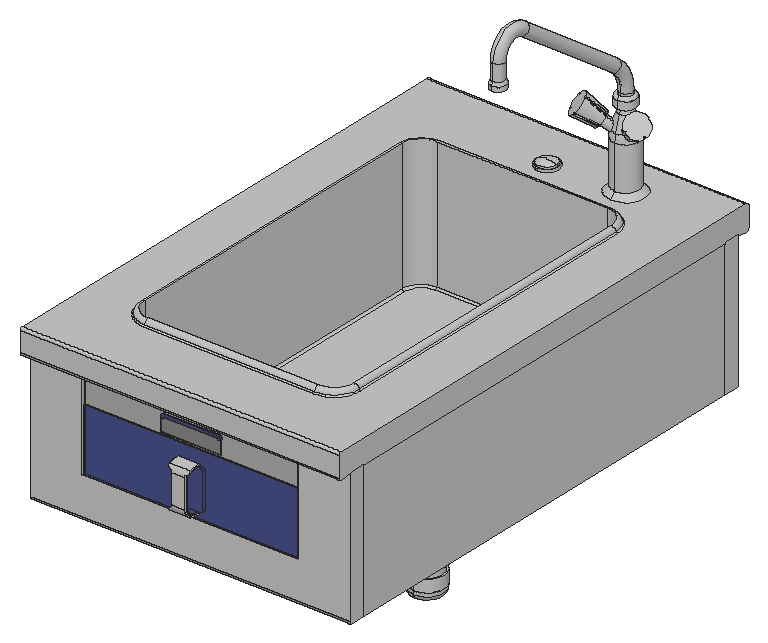
Revit family "QF_ELECTROLUXPROFESSIONAL_588402_MABGAAEOAO", category Specialty Equipment, Revit 2018
Family settings
  Round Connector Dimension = Use Diameter
  Part Type = Normal
  Work Plane-Based = No
  Always vertical = Yes
  Cut with Voids When Loaded = No
  Shared = No
  Room Calculation Point = No
Parameters
  Weight in Pounds = 33.0693
  Watts = 1500 VA  # 1500 W
  Waste Water Discharge Temperature [instance] = -459.67 °F
  Volts = 400 V  # constant formula
  URL Cutsheet = ""
  Type Mark [instance] = ""
  Status [instance] = ""
  Specification by User [instance] = ""
  Specification by Manufacturer = ""
  Small Baine = yes
  Serial Number = ""
  Seismic Rating = ""
  SMACNA No = ""
  Revision Code [instance] = ""
  Plumbing Remarks [instance] = ""
  Plumbing Connection Type [instance] = ""
  Phase = 3  # constant formula
  Omniclass Number and Title = ""
  Number of Poles [instance] = 1
  NAFEM Spec ID Number = ""
  Model = "588402"
  Min Ckt Ampacity = 0 A
  Max Overcurrent Protection = 0 A
  Masterspec = ""
  Manufacturer = "ELECTROLUX"
  Item Number [instance] = ""
  Installed By [instance] = ""
  Indirect Waste Size = 1"
  Indirect Waste Flow [instance] = 0 GPM
  Indirect Waste Connection Type [instance] = ""
  Indirect Waste Connection Height = 0 mm
  Identify Quantity as Lot [instance] = yes
  Hot Water Temperature = -459.67 °F
  Hot Water Size = 3/4"
  Hot Water RI Height [instance] = 0 mm
  Hot Water Minimum Pressure = 0.00 psi
  Hot Water Maximum Pressure = 0.00 psi
  Hot Water Flow [instance] = 0 GPM
  Hot Water Consumption = 0 GPM
  Hot Water Connection Height = 0 mm
  HP = "2 HP"
  Furnished By [instance] = ""
  Foodservice Equipment Identifier [instance] = yes
  FL Amps [instance] = if(Phase = 3, Watts / (Volts * 1.73), Watts / Volts)  # 2.16763 A
  Electrical Remarks = "400 V/3N ph/50/60 Hz"  # constant formula
  Electric Connection Type [instance] = ""
  Elec Conn RI Height [instance] = 0 mm
  Elec Conn Connection Height [instance] = 0 mm
  Direct Waste Size = 1"
  Description = "EL.BAINMARIE,1/1GN,TAP(R),1S,500X800X250"
  Cycle [instance] = if([60 Hertz Option], 60 Hz, 50 Hz)  # 60 Hz
  Conn Plug = ""
  Conn Conduit = yes
  Cold Water Temperature Recommended [instance] = 0 °F
  Cold Water Size = 3/4"
  Cold Water RI Height [instance] = 0 mm
  Cold Water Minimum Pressure = 0.00 psi
  Cold Water Maximum Pressure = 0.00 psi
  Cold Water Flow [instance] = 0 GPM
  Cold Water Consumption = ""
  Cold Water Connection Height = 0 mm
  CSI MasterFormat = ""
  CSI Master Format = ""
  Back Panel [instance] = yes
  Apparent Power [instance] = if(Phase = 3, Volts * FL Amps * 1.73, Volts * FL Amps)  # 1500 VA
  60 Hertz Option [instance] = not([50 Hertz Option])  # yes
  50 Hertz Option [instance] = no
Reference planes
  plane 1 "BACK": y = 0
  plane 2: z = 0
  plane 3 "LEFT": x = 0
  plane 4 "RIGHT": x = 500
  plane 5 "FRONT": y = -800
  plane 6 "TOP": z = 250
  plane 7: x = 250
  plane 8: y = -400
  plane 9: z = 582.185
  plane 10: x = 465
  plane 11: y = -94
  plane 12: y = -81
  plane 13: y = -585
Forms (mm)
  Extrusion 1, solid, material "QF_Finishes_Stainless Steel"
    sketch origin (0, -487.128, 0) x (0, 1, 0) y (0, 0, 1)
      loop
        line (483.128, 250) -> (-308.872, 250)
        arc (-308.872, 250) -> (-311.7, 248.828) -> (-312.872, 246) r 4
        line (-312.872, 246) -> (-312.872, 214)
        arc (-312.872, 214) -> (-311.443, 210.936) -> (-308.177, 210.061) r 4
        line (-308.177, 210.061) -> (-291.509, 213) -> (465.765, 213) -> (482.433, 210.061)
        arc (482.433, 210.061) -> (485.699, 210.936) -> (487.128, 214) r 4
        line (487.128, 214) -> (487.128, 246)
        arc (487.128, 246) -> (485.956, 248.828) -> (483.128, 250) r 4
    from 0 to 500
  Extrusion 2, void
    sketch origin (0, -4, 250) x (1, 0, 0) y (0, -1, 0)
      loop
        line (423.051, 156.931) -> (423.051, 660.069)
        arc (423.051, 660.069) -> (411.335, 688.354) -> (383.051, 700.069) r 40
        line (383.051, 700.069) -> (116.931, 700.069)
        arc (116.931, 700.069) -> (88.646, 688.354) -> (76.931, 660.069) r 40
        line (76.931, 660.069) -> (76.931, 156.931)
        arc (76.931, 156.931) -> (88.646, 128.647) -> (116.931, 116.931) r 40
        line (116.931, 116.931) -> (383.051, 116.931)
        arc (383.051, 116.931) -> (411.335, 128.647) -> (423.051, 156.931) r 40
    from 0 to 40
  Extrusion 3, solid, material "QF_Finishes_Stainless Steel"
    sketch origin (-178.969, -4572, 0) x (-1, 0, 0) y (0, -1, 0)
      loop
        line (-178.969, -4526) -> (-178.969, -3818) -> (-678.969, -3818) -> (-678.969, -4526) -> (-178.969, -4526)
      loop
        line (-204.369, -4500.6) -> (-204.369, -3843.4) -> (-653.569, -3843.4) -> (-653.569, -4500.6) -> (-204.369, -4500.6)
    from 0 to 213
  Extrusion 4, solid, material "QF_Finishes_Stainless Steel"
    sketch origin (-178.969, -4572, 0) x (-1, 0, 0) y (0, -1, 0)
      loop
        line (-204.369, -4500.6) -> (-204.369, -3843.4) -> (-653.569, -3843.4) -> (-653.569, -4500.6) -> (-204.369, -4500.6)
    from 0 to 10
  Extrusion 5, solid, material "QF_Finishes_Stainless Steel", visible <- "Back Panel"
    sketch origin (0, 0, 0) x (0, 1, 0) y (0, 0, 1)
      loop
        line (-46, 0) -> (-23, 0)
        arc (-23, 0) -> (-20.879, 0.879) -> (-20, 3) r 3
        line (-20, 3) -> (-20, 213) -> (-46, 213) -> (-46, 0)
    from 0 to 500
  Extrusion 6, solid, material "QF_Finishes_Stainless Steel"
    sketch origin (-50, 25, 0) x (1, 0, 0) y (0, 1, 0)
      loop
        circle (300, -685) r 12.7
    from 0 to 12.5
  Extrusion 7, solid, material "QF_Finishes_Stainless Steel"
    sketch origin (-50, 39.803, 250) x (0, -1, 0) y (1, 0, 0)
      loop
        circle (120.803, 300) r 17.578
    from 0 to 3.2
  Revolve 8, solid, material "QF_Finishes_Stainless Steel"
    sketch origin (0, -81, 2.262) x (1, 0, 0) y (0, 0, 1)
      loop
        line (250, 250.938) -> (250, 256.608)
        arc (250, 256.608) -> (242.261, 255.697) -> (235, 252.868) r 30.732
        line (235, 252.868) -> (235, 250.938) -> (250, 250.938)
      axis (250, 250.938) -> (250, 256.608)
    angle from 0 to 360
  Revolve 9, solid, material "QF_Finishes_Stainless Steel"
    sketch origin (465, 1382.872, -192.047) x (0, 1, 0) y (0, 0, 1)
      loop
        line (-1937.861, 186.547) -> (-1937.861, 192.047) -> (-1967.861, 192.047) -> (-1967.861, 141.547) -> (-1947.861, 141.547)
        arc (-1947.861, 141.547) -> (-1943.618, 143.305) -> (-1941.861, 147.547) r 6
        line (-1941.861, 147.547) -> (-1941.361, 153.547) -> (-1941.361, 172.547) -> (-1944.361, 172.547) -> (-1944.361, 186.547) -> (-1937.861, 186.547)
      axis (-1967.872, 141.547) -> (-1967.872, 192.047)
    angle from 0 to 360
  Revolve 10, solid, material "QF_Finishes_Black"
    sketch origin (365, -54.517, -46.552) x (0, 1, 0) y (0, 0, 1)
      loop
        arc (-25.958, 192.99) -> (-25.178, 193.771) -> (-25.958, 194.552) r 0.781
        line (-25.958, 194.552) -> (-27.459, 194.552) -> (-27.459, 179.552) -> (-29.958, 179.552) -> (-29.958, 177.38) -> (-28.404, 177.38) -> (-27.456, 177.547) -> (-26.894, 178.11) -> (-25.907, 178.11) -> (-25.907, 180.54)
        arc (-25.907, 180.54) -> (-25.128, 181.318) -> (-25.907, 182.097) r 0.779
        arc (-25.907, 182.097) -> (-25.128, 182.875) -> (-25.907, 183.654) r 0.779
        arc (-25.907, 183.654) -> (-25.128, 184.433) -> (-25.907, 185.211) r 0.779
        arc (-25.907, 185.211) -> (-25.128, 185.99) -> (-25.907, 186.768) r 0.779
        arc (-25.907, 186.768) -> (-25.128, 187.547) -> (-25.907, 188.326) r 0.779
        arc (-25.907, 188.326) -> (-25.128, 189.104) -> (-25.907, 189.883) r 0.779
        arc (-25.907, 189.883) -> (-25.128, 190.661) -> (-25.907, 191.44) r 0.779
        arc (-25.907, 191.44) -> (-25.128, 192.219) -> (-25.907, 192.997) r 0.779
      axis (-39.483, 194.552) -> (-39.483, 177.38)
    angle from 0 to 360
  Sweep 11, solid, material "QF_Finishes_Stainless Steel"
    path origin (-178.969, -4572, 0) x (-1, 0, 0) y (0, -1, 0)
      loop
        line (-255.899, -4411.069) -> (-255.899, -3907.931)
        arc (-255.899, -3907.931) -> (-267.615, -3879.646) -> (-295.899, -3867.931) r 40
        line (-295.899, -3867.931) -> (-562.02, -3867.931)
        arc (-562.02, -3867.931) -> (-590.304, -3879.646) -> (-602.02, -3907.931) r 40
        line (-602.02, -3907.931) -> (-602.02, -4411.069)
        arc (-602.02, -4411.069) -> (-590.304, -4439.353) -> (-562.02, -4451.069) r 40
        line (-562.02, -4451.069) -> (-295.899, -4451.069)
        arc (-295.899, -4451.069) -> (-267.615, -4439.353) -> (-255.899, -4411.069) r 40
    profile origin (76.931, -412.5, 0) x (1, 0, 0) y (0, 0, 1)
      loop
        arc (9.05, 258) -> (4.345, 256.153) -> (1.961, 251.697) r 7.314
        arc (1.961, 251.697) -> (1.3, 250.48) -> (0, 250) r 1.969
        line (0, 250) -> (8.05, 250) -> (8.05, 54)
        arc (8.05, 54) -> (9.221, 51.172) -> (12.05, 50) r 4
        line (12.05, 50) -> (12.05, 51)
        arc (12.05, 51) -> (9.928, 51.879) -> (9.05, 54) r 3
        line (9.05, 54) -> (9.05, 258)
  Extrusion 12, solid, material "QF_Finishes_Stainless Steel"
    sketch origin (-178.969, -4572, 0) x (-1, 0, 0) y (0, -1, 0)
      loop
        arc (-267.949, -3907.931) -> (-276.135, -3888.167) -> (-295.899, -3879.98) r 27.95
        line (-295.899, -3879.98) -> (-562.02, -3879.98)
        arc (-562.02, -3879.98) -> (-581.784, -3888.167) -> (-589.97, -3907.931) r 27.95
        line (-589.97, -3907.931) -> (-589.97, -4411.069)
        arc (-589.97, -4411.069) -> (-581.784, -4430.833) -> (-562.02, -4439.02) r 27.95
        line (-562.02, -4439.02) -> (-295.899, -4439.02)
        arc (-295.899, -4439.02) -> (-276.135, -4430.833) -> (-267.949, -4411.069) r 27.95
        line (-267.949, -4411.069) -> (-267.949, -3907.931)
    from 50 to 51
Cuts and joins
  Extrusion 2 cuts Extrusion 1
  joined: Extrusion 3, Extrusion 4
  joined: Sweep 11, Extrusion 12
Lines and regions (mm)
  symbolic lines
    curve 1: line (0, 0, 0) -> (500, 0, 0)
    curve 2: line (0, -800, 0) -> (0, 0, 0)
    curve 3: line (500, -800, 0) -> (0, -800, 0)
    curve 4: line (500, 0, 0) -> (500, -800, 0)
    curve 5: circle (250, -659.789, 0) r 14.885 normal (0, 0, 1)
    curve 6: circle (250, -81, 0) r 15 normal (0, 0, 1)
    curve 7: circle (250, -81, 0) r 17.578 normal (0, 0, 1)
    curve 8: arc (76.931, -160.931, 0) -> (88.646, -132.647, 0) -> (116.931, -120.931, 0) r 40
    curve 9: arc (116.931, -128.98, 0) -> (94.338, -138.339, 0) -> (84.98, -160.931, 0) r 31.95
    curve 10: line (84.98, -160.931, 0) -> (84.98, -663.069, 0)
    curve 11: line (76.931, -160.931, 0) -> (76.931, -664.069, 0)
    curve 12: arc (383.051, -120.931, 0) -> (411.335, -132.647, 0) -> (423.051, -160.931, 0) r 40
    curve 13: arc (414.001, -160.931, 0) -> (404.643, -138.339, 0) -> (382.051, -128.98, 0) r 31.95
    curve 14: line (414.001, -664.069, 0) -> (414.001, -160.931, 0)
    curve 15: line (423.051, -664.069, 0) -> (423.051, -160.931, 0)
    curve 16: arc (423.051, -664.069, 0) -> (411.335, -692.354, 0) -> (383.051, -704.069, 0) r 40
    curve 17: arc (383.051, -695.02, 0) -> (404.936, -685.955, 0) -> (414.001, -664.069, 0) r 30.95
    curve 18: line (116.931, -695.02, 0) -> (383.051, -695.02, 0)
    curve 19: line (116.931, -704.069, 0) -> (383.051, -704.069, 0)
    curve 20: arc (84.98, -663.069, 0) -> (94.338, -685.662, 0) -> (116.931, -695.02, 0) r 31.95
    curve 21: arc (116.931, -704.069, 0) -> (88.646, -692.354, 0) -> (76.931, -664.069, 0) r 40
    curve 22: line (116.931, -120.931, 0) -> (320.303, -120.931, 0)
    curve 23: line (116.931, -128.98, 0) -> (355.475, -128.98, 0)
    curve 24: line (374.525, -128.98, 0) -> (382.051, -128.98, 0)
    curve 25: line (374.525, -120.931, 0) -> (383.051, -120.931, 0)
    curve 26: line (330.326, -120.931, 0) -> (355.475, -120.931, 0)
Dimensions and locks
  plane 3 "LEFT" to plane 4 "RIGHT" = 500 mm
  plane 5 "FRONT" to plane 1 "BACK" = 800 mm
  equal spacing: plane 3 "LEFT", plane 7, plane 4 "RIGHT"
  equal spacing: plane 5 "FRONT", plane 8, plane 1 "BACK"
  plane 6 "TOP" to level = 250 mm  (x2)
  plane 1 "BACK" to plane 5 "FRONT" = 800 mm
  Extrusion 6 sketch curve to plane 1 "BACK" = 660 mm
  Extrusion 6 sketch curve to plane 4 "RIGHT" = 250 mm
  Revolve 10 to level = 148 mm
  plane 4 "RIGHT" to plane 10 = 35 mm
  plane 1 "BACK" to plane 11 = 94 mm
  nested 2 to plane 4 "RIGHT" = 135 mm
  plane 5 "FRONT" to nested 2 = 729 mm
  plane 12 to plane 5 "FRONT" = 719 mm
  plane 1 "BACK" to plane 13 = 585 mm
  aligned and locked: level to plane 2
Automatic sketch dimensions
  Extrusion 1 sketch curve to plane 5 "FRONT" = 0 mm
  Extrusion 1 sketch curve to plane 6 "TOP" = 0 mm
  Extrusion 1 sketch curve to plane 1 "BACK" = 0 mm
  Extrusion 1 sketch curve to plane 6 "TOP" = 37 mm
  Extrusion 1 sketch curve to plane 5 "FRONT" = 4 mm  (x2)
  Extrusion 1 sketch curve to plane 5 "FRONT" = 21.363 mm
  plane 1 "BACK" to Extrusion 1 sketch curve = 21.363 mm
  plane 1 "BACK" to Extrusion 1 sketch curve = 4 mm
  Extrusion 1 sketch curve to Extrusion 1 sketch curve = 0.695 mm
  Extrusion 1 sketch curve to Extrusion 1 sketch curve = 0 mm  (x4)
  plane 1 "BACK" to Extrusion 1 sketch curve = 4.695 mm
  Extrusion 1 sketch curve to Extrusion 1 sketch curve = 4 mm
  Extrusion 1 sketch curve to Extrusion 1 sketch curve = 1 mm  (x2)
  Extrusion 3 sketch curve to plane 4 "RIGHT" = 0 mm
  Extrusion 3 sketch curve to plane 3 "LEFT" = 0 mm
  plane 1 "BACK" to Extrusion 3 sketch curve = 46 mm
  plane 4 "RIGHT" to Extrusion 3 sketch curve = 25.4 mm
  plane 3 "LEFT" to Extrusion 3 sketch curve = 25.4 mm
  Extrusion 3 sketch curve to Extrusion 3 sketch curve = 25.4 mm  (x2)
  Extrusion 3 sketch curve to plane 5 "FRONT" = 71.4 mm
  plane 4 "RIGHT" to Extrusion 4 sketch curve = 25.4 mm
  plane 1 "BACK" to Extrusion 4 sketch curve = 71.4 mm
  plane 3 "LEFT" to Extrusion 4 sketch curve = 25.4 mm
  Extrusion 4 sketch curve to plane 5 "FRONT" = 71.4 mm
  plane 1 "BACK" to Revolve 9 sketch curve = 584.989 mm
  Revolve 9 sketch curve to plane 6 "TOP" = 300.5 mm
  Revolve 9 sketch curve to Revolve 9 sketch curve = 20 mm
  Revolve 9 sketch curve to Revolve 9 sketch curve = 3.5 mm
  Revolve 9 sketch curve to Revolve 9 sketch curve = 6 mm  (x2)
  Revolve 9 sketch curve to Revolve 9 sketch curve = 3 mm
  Revolve 9 sketch curve to Revolve 9 sketch curve = 6.5 mm
  plane 1 "BACK" to Revolve 9 sketch curve = 585 mm
  Revolve 9 sketch curve to Revolve 9 sketch curve = 19 mm
  Revolve 9 sketch curve to Revolve 9 sketch curve = 14 mm
  Revolve 9 sketch curve to Revolve 9 sketch curve = 5.5 mm
  Revolve 9 sketch curve to Revolve 9 sketch curve = 6.734 mm
  Revolve 9 sketch curve to plane 6 "TOP" = 222.234 mm
  level to Revolve 10 sketch curve = 130.828 mm
  Revolve 10 sketch curve to Revolve 10 sketch curve = 1.554 mm
  Revolve 10 sketch curve to Revolve 10 sketch curve = 2.499 mm
  Revolve 10 sketch curve to Revolve 10 sketch curve = 0.948 mm
  Revolve 10 sketch curve to Revolve 10 sketch curve = 0.562 mm  (x2)
  Revolve 10 sketch curve to Revolve 10 sketch curve = 1.5 mm
  Revolve 10 sketch curve to Revolve 10 sketch curve = 0.987 mm  (x2)
  Revolve 10 sketch curve to Revolve 10 sketch curve = 0 mm  (x12)
  Revolve 10 sketch curve to Revolve 10 sketch curve = 0.052 mm  (x2)
  Revolve 10 sketch curve to Revolve 10 sketch curve = 0.167 mm
  Revolve 10 sketch curve to Revolve 10 sketch curve = 2.172 mm
  Revolve 10 sketch curve to Revolve 10 sketch curve = 14.013 mm
  Revolve 10 sketch curve to Revolve 10 sketch curve = 0.779 mm  (x8)
  Revolve 10 sketch curve to Revolve 10 sketch curve = 0.007 mm
  Revolve 10 sketch curve to Revolve 10 sketch curve = 0.878 mm
  Revolve 10 sketch curve to Revolve 10 sketch curve = 1.95 mm
  plane 1 "BACK" to Revolve 10 sketch curve = 84.475 mm
  Revolve 10 sketch curve to Revolve 10 sketch curve = 9.525 mm
  Extrusion 5 sketch curve to level = 0 mm
  level to Extrusion 5 sketch curve = 3 mm
  Extrusion 5 sketch curve to Extrusion 5 sketch curve = 23 mm
  plane 1 "BACK" to Extrusion 5 sketch curve = 20 mm
  Extrusion 5 sketch curve to plane 6 "TOP" = 37 mm
  Extrusion 1 to Extrusion 7 sketch curve = 77 mm
  Extrusion 1 to Extrusion 7 sketch curve = 250 mm
  Revolve 8 sketch curve to plane 7 = 0 mm  (x2)
  plane 6 "TOP" to Revolve 8 sketch curve = 3.2 mm
  plane 6 "TOP" to Revolve 8 sketch curve = 5.13 mm
  Revolve 8 sketch curve to plane 7 = 15 mm
  Revolve 8 sketch curve to plane 7 = 0.304 mm
  Revolve 8 sketch curve to Revolve 8 sketch curve = 5.67 mm
  Revolve 8 sketch curve to plane 6 "TOP" = 2.738 mm
  Revolve 8 sketch curve to Revolve 8 sketch curve = 6.568 mm
  Extrusion 1 to Extrusion 2 sketch curve = 76.931 mm
  Extrusion 1 to Extrusion 2 sketch curve = 91.931 mm
  Extrusion 2 sketch curve to Extrusion 2 sketch curve = 40 mm  (x3)
  Extrusion 1 to Extrusion 2 sketch curve = 116.949 mm  (x2)
  Extrusion 1 to Extrusion 2 sketch curve = 156.931 mm
  Sweep 11 sketch curve to plane 10 = 41.949 mm
  plane 11 to Sweep 11 sketch curve = 26.931 mm
  Sweep 11 sketch curve to Sweep 11 sketch curve = 40 mm  (x3)
  plane 3 "LEFT" to Sweep 11 sketch curve = 116.931 mm  (x2)
  Sweep 11 sketch curve to plane 5 "FRONT" = 135.931 mm
  Sweep 11 sketch curve to Sweep 11 sketch curve = 0 mm  (x2)
  profile plane to Sweep 11 sketch curve = 0 mm
  Sweep 11 sketch curve to profile plane = 12.05 mm
  profile plane to Sweep 11 sketch curve = 51 mm
  Sweep 11 sketch curve to Sweep 11 sketch curve = 4 mm
  Sweep 11 sketch curve to Sweep 11 sketch curve = 1 mm
  Sweep 11 sketch curve to profile plane = 0.011 mm
  Sweep 11 sketch curve to profile plane = 1.961 mm
  Sweep 11 sketch curve to Sweep 11 sketch curve = 1.156 mm
  Sweep 11 sketch curve to Sweep 11 sketch curve = 196 mm
  Sweep 11 sketch curve to Sweep 11 sketch curve = 8 mm
  plane 3 "LEFT" to Extrusion 12 sketch curve = 88.98 mm
  Extrusion 12 sketch curve to plane 5 "FRONT" = 135.931 mm
  Extrusion 12 sketch curve to Extrusion 12 sketch curve = 27.95 mm  (x4)
  plane 11 to Extrusion 12 sketch curve = 66.931 mm
  Extrusion 12 sketch curve to plane 10 = 81.949 mm
  curve 6 to curve 7 = 0 mm  (x2)
  curve 8 to curve 9 = 0 mm  (x2)
  curve 12 to curve 13 = 1 mm
  curve 12 to curve 13 = 0 mm
  curve 16 to curve 17 = 0 mm
  curve 17 to curve 16 = 0 mm
  curve 20 to curve 21 = 0 mm
  curve 20 to curve 21 = 1 mm
  plane 1 "BACK" to curve 1 = 0 mm
  curve 1 to plane 4 "RIGHT" = 0 mm
  curve 3 to plane 3 "LEFT" = 0 mm
  plane 5 "FRONT" to curve 3 = 0 mm
  curve 7 to plane 7 = 0 mm
  curve 5 to plane 7 = 0 mm
  curve 15 to plane 10 = 41.949 mm
  curve 16 to curve 14 = 9.05 mm
  curve 13 to curve 25 = 30.95 mm
  curve 17 to curve 19 = 30.95 mm
  plane 3 "LEFT" to curve 19 = 116.931 mm
  plane 11 to curve 22 = 26.931 mm
  plane 3 "LEFT" to curve 22 = 116.931 mm
  curve 21 to curve 10 = 31.95 mm
  curve 24 to curve 24 = 7.526 mm
  curve 25 to curve 24 = 0 mm
  curve 24 to curve 23 = 19.05 mm
  curve 26 to curve 23 = 0 mm
  curve 26 to curve 26 = 25.149 mm
  curve 26 to curve 22 = 10.023 mm
  plane 11 to curve 25 = 26.931 mm
  curve 14 to plane 8 = 264.069 mm
  curve 7 to plane 11 = 13 mm
  curve 22 to curve 26 = 0 mm
  curve 5 to curve 17 = 4.28 mm
  radius of Extrusion 6 sketch curve = 12.7 mm
  radius of Extrusion 7 sketch curve = 17.578 mm
  radius of curve 5 = 14.885 mm
  radius of curve 6 = 15 mm
  radius of curve 7 = 17.578 mm
Nested families
  nested 1: "EB_800_500_Front Panel" at (202.376, -754, -650), type "EB_800_500_Front Panel"
  nested 2: "Thermaline Faucet" at (365, -71, 0), type "Thermaline Faucet"
Connectors
  piping at (250, -660, 0), diameter 25.4
    settings: on Extrusion 6, index 3, connector inside diameter 1", connector length 0 mm, flow factor 0, pipe flow 0 GPM, pressure drop 0.00 psi, fitting loss kfactor 0, connector angle 0.00°, fixture units 0, engagement length 0 mm, angle of deflection 0.00°, flow configuration 1, flow direction 2, fitting loss method 0, system type 16, joint type 0, gender type 0, connector reference index -1, connector utility 0, adjustable connector no, is connector primary yes, connector description "DRAIN"
  electrical at (465, -585, 0), driven by "Volts", driven by "Watts"
    settings: on Revolve 9, index 4, voltage 400 V, apparent load 1500 VA, apparent load phase1 0 VA, apparent load phase2 0 VA, apparent load phase3 0 VA, power factor 1, load classification "Other", number of poles 1, system type 30, power factor state 1, is connector primary yes, connector utility no, sub classification motor no, connector description "ELECTRICAL CONNECTION"
  piping at (365, -94, 130.828), diameter 19
    settings: on Revolve 10, index 5, connector inside diameter 0.74803", connector length 0 mm, flow factor 0, pipe flow 0 GPM, pressure drop 0.00 psi, fitting loss kfactor 0, connector angle 0.00°, fixture units 0, engagement length 0 mm, angle of deflection 0.00°, flow configuration 1, flow direction 1, fitting loss method 0, system type 20, joint type 0, gender type 0, connector reference index -1, connector utility 0, adjustable connector no, is connector primary no, connector description "COLD WATER INLET"
  piping at (365, -94, 130.828), diameter 19
    settings: on Revolve 10, index 6, connector inside diameter 0.74803", connector length 0 mm, flow factor 0, pipe flow 0 GPM, pressure drop 0.00 psi, fitting loss kfactor 0, connector angle 0.00°, fixture units 0, engagement length 0 mm, angle of deflection 0.00°, flow configuration 1, flow direction 1, fitting loss method 0, system type 19, joint type 0, gender type 0, connector reference index -1, connector utility 0, adjustable connector no, is connector primary no, connector description "HOT WATER INLET"
Definition of nested family "EB_800_500_Front Panel"
  Reference planes
    plane 1 "Center (Front/Back)": y = 0
    plane 2: z = 0
    plane 3 "Center (Left/Right)": x = 47.624
    plane 4: x = -202.376
    plane 5: x = 297.624
    plane 6: y = -45
  Forms (mm)
    Extrusion 1, solid
      sketch origin (833.217, 829.203, -1.25) x (0, 1, 0) y (0, 0, 1)
        loop
          arc (-854.203, 654.25) -> (-853.324, 652.129) -> (-851.203, 651.25) r 3
          line (-851.203, 651.25) -> (-829.203, 651.25) -> (-829.203, 864.25) -> (-854.203, 864.25) -> (-854.203, 654.25)
      from -1035.593 to -535.593
    Extrusion 2, void
      sketch origin (33.217, 829.203, -1.25) x (1, 0, 0) y (0, 0, 1)
        loop
          line (-155.593, 855.116) -> (-155.593, 713.116) -> (184.407, 713.116) -> (184.407, 855.116) -> (-155.593, 855.116)
      from 848.59 to 854.203
  Cuts and joins
    Extrusion 2 cuts Extrusion 1
  Dimensions and locks
    equal spacing: plane 5, plane 3 "Center (Left/Right)", plane 4
    plane 5 to plane 4 = 500 mm
    aligned and locked: cut or joined group of Extrusion 1, Extrusion 2 to plane 4
    aligned and locked: plane 5 to cut or joined group of Extrusion 1, Extrusion 2
    aligned and locked: plane 3 "Center (Left/Right)" to nested 2
    aligned and locked: cut or joined group of Extrusion 1, Extrusion 2 to nested 2
    aligned and locked: plane 3 "Center (Left/Right)" to nested 1
  Automatic sketch dimensions
    Extrusion 1 sketch curve to plane 1 "Center (Front/Back)" = 0 mm
    plane 1 "Center (Front/Back)" to Extrusion 1 sketch curve = 22 mm
    Extrusion 1 sketch curve to Extrusion 1 sketch curve = 3 mm
    level to Extrusion 1 sketch curve = 650 mm
    Extrusion 1 sketch curve to Extrusion 1 sketch curve = 210 mm
    plane 4 to Extrusion 2 sketch curve = 80 mm
    Extrusion 2 sketch curve to plane 5 = 80 mm
    level to Extrusion 2 sketch curve = 711.866 mm
    Extrusion 2 sketch curve to Extrusion 2 sketch curve = 142 mm
  Nested families
    nested 1: "Range Control Handle" at (47.624, -28.137, -209.113) x (-1, 0, 0) z (0, 0, 1), type "Range Control Handle"
    nested 2: "glass conrol panel" at (47.624, 280.644, 2.752), type "glass conrol panel"
  Definition of nested family "Range Control Handle"
    Reference planes
      plane 1 "Center (Front/Back)": y = 0
      plane 2: z = 0
      plane 3 "Center (Left/Right)": x = 0
      plane 4: z = 971.092
      plane 5: y = -16.9
    Forms (mm)
      Extrusion 1, solid
        sketch origin (-746.28, 380.497, 208.931) x (-1, 0, 0) y (0, 0, 1)
          loop
            line (-770.101, 786.798) -> (-770.101, 731.649)
            arc (-770.101, 731.649) -> (-769.759, 730.563) -> (-768.855, 729.87) r 1.893
            line (-768.855, 729.87) -> (-763.474, 727.911) -> (-729.81, 727.911) -> (-724.428, 729.87)
            arc (-724.428, 729.87) -> (-723.525, 730.563) -> (-723.183, 731.649) r 1.893
            line (-723.183, 731.649) -> (-723.183, 786.798)
            arc (-723.183, 786.798) -> (-723.529, 787.894) -> (-724.44, 788.593) r 1.91
            line (-724.44, 788.593) -> (-729.683, 790.819) -> (-763.601, 790.819) -> (-768.844, 788.593)
            arc (-768.844, 788.593) -> (-769.755, 787.894) -> (-770.101, 786.798) r 1.91
        from -382.35 to -378.852
      Sweep 2, solid
        path origin (-746.788, 380.496, 208.091) x (0, -1, 0) y (0, 0, 1)
          loop
            line (379.775, 793.281) -> (395.661, 791.048)
            arc (395.661, 791.048) -> (397.781, 787.377) -> (398.517, 783.202) r 12.207
            line (398.517, 783.202) -> (398.517, 737.368)
            arc (398.517, 737.368) -> (397.781, 733.193) -> (395.661, 729.522) r 12.207
            line (395.661, 729.522) -> (379.775, 727.289)
        profile origin (-746.788, -7.222, 1000.256) x (0, -0.139173, 0.990268) y (-1, 0, 0)
          loop
            line (0.782, -763.123) -> (0.782, -730.907) -> (-1.322, -730.907) -> (-1.322, -763.123) -> (0.782, -763.123)
      Sweep 3, solid
        path origin (-746.788, 380.715, 207.832) x (0, -1, 0) y (0, 0, 1)
          loop
            line (380.478, 795.442) -> (397.218, 793.09)
            arc (397.218, 793.09) -> (399.929, 788.473) -> (400.871, 783.202) r 15.207
            line (400.871, 783.202) -> (400.871, 737.584)
            arc (400.871, 737.584) -> (399.914, 732.274) -> (397.164, 727.633) r 15.207
            line (397.164, 727.633) -> (380.601, 725.305)
        profile origin (-746.788, -8.132, 1002.099) x (0, -0.139173, 0.990268) y (-1, 0, 0)
          loop
            line (0.782, -763.123) -> (0.782, -730.907) -> (-1.322, -730.907) -> (-1.322, -763.123) -> (0.782, -763.123)
      Extrusion 4, void
        sketch origin (889.253, 220.666, 207.993) x (1, 0, 0) y (0, 0, 1)
          loop
            line (-943.038, 816.854) -> (-943.038, 703.686) -> (-899.466, 734.196) -> (-899.466, 786.344) -> (-943.038, 816.854)
        from 230.636 to 242.25
      Extrusion 5, void
        sketch origin (-888.8, 220.666, 207.993) x (-1, 0, 0) y (0, 0, -1)
          loop
            line (-943.038, -816.854) -> (-899.466, -786.344) -> (-899.466, -734.196) -> (-943.038, -703.686) -> (-943.038, -816.854)
        from 230.636 to 242.25
      Extrusion 6, solid
        sketch origin (0, 0, 0) x (1, 0, 0) y (0, 0, 1)
          loop
            circle (0, 971.092) r 7.736
        from -3.137 to -1.645
    Cuts and joins
      Extrusion 4, Extrusion 5 cuts Sweep 3
      Extrusion 4, Extrusion 5 cuts Sweep 2
      joined: Extrusion 1, Extrusion 6
    Lines and regions (mm)
      symbolic lines
        curve 1: line (16.334, -16.9, 0) -> (16.334, -19.227, 0)
        curve 2: spline (16.334, -19.227, 0) -> (15.87, -19.385, 0) -> (15.404, -19.536, 0) -> (14.936, -19.678, 0) -> (14.466, -19.813, 0) -> (13.995, -19.94, 0) -> (13.523, -20.059, 0) -> (13.049, -20.171, 0) -> (12.575, -20.274, 0) -> (12.099, -20.37, 0) -> (11.622, -20.458, 0) -> (11.144, -20.537, 0) -> (10.666, -20.609, 0)
        curve 3: line (10.666, -16.9, 0) -> (10.666, -20.938, 0)
        curve 4: line (-10.213, -20.938, 0) -> (10.666, -20.938, 0)
        curve 5: line (-10.213, -20.938, 0) -> (-10.213, -16.9, 0)
        curve 6: spline (-10.213, -20.609, 0) -> (-10.691, -20.537, 0) -> (-11.169, -20.458, 0) -> (-11.646, -20.37, 0) -> (-12.122, -20.274, 0) -> (-12.597, -20.171, 0) -> (-13.07, -20.059, 0) -> (-13.542, -19.94, 0) -> (-14.013, -19.813, 0) -> (-14.483, -19.678, 0) -> (-14.951, -19.536, 0) -> (-15.417, -19.385, 0) -> (-15.881, -19.227, 0)
        curve 7: line (-15.881, -19.227, 0) -> (-15.881, -16.9, 0)
  Definition of nested family "glass conrol panel"
    Reference planes
      plane 1 "Center (Front/Back)": y = 0
      plane 2: z = 0
      plane 3 "Center (Left/Right)": x = 0
    Forms (mm)
      Extrusion 1, solid
        sketch origin (396.291, 0, 0.617) x (1, 0, 0) y (0, 0, 1)
          loop
            line (-566.291, 806.791) -> (-566.291, 708.497) -> (-226.291, 708.497) -> (-226.291, 806.791) -> (-566.291, 806.791)
        from 300.031 to 304.8
      Extrusion 2, solid
        sketch origin (396.291, 0, 0.617) x (1, 0, 0) y (0, 0, 1)
          loop
            line (-566.291, 850.497) -> (-566.291, 806.791) -> (-226.291, 806.791) -> (-226.291, 850.497) -> (-566.291, 850.497)
        from 300.031 to 304.8
      Extrusion 3, void
        sketch origin (396.291, 0, 0.617) x (1, 0, 0) y (0, 0, 1)
          loop
            line (-563.291, 847.565) -> (-563.291, 710.699) -> (-229.291, 710.699) -> (-229.291, 847.565) -> (-563.291, 847.565)
        from 303.697 to 304.8
      Extrusion 4, solid
        sketch origin (-308.309, 1.101, -0.633) x (-1, 0, 0) y (0, 0, -1)
          loop
            line (-261.431, -812.62) -> (-355.186, -812.62) -> (-355.186, -834.177) -> (-350.269, -834.177) -> (-348.469, -835.977) -> (-268.039, -835.977) -> (-266.24, -834.177) -> (-261.431, -834.177) -> (-261.431, -812.62)
        from 304.798 to 306.745
      Extrusion 5, solid
        sketch origin (-308.309, 1.101, -0.633) x (-1, 0, 0) y (0, 0, -1)
          loop
            line (-350.269, -834.177) -> (-355.078, -834.177)
            arc (-355.078, -834.177) -> (-353.942, -838.747) -> (-349.686, -840.763) r 5.5
            line (-349.686, -840.763) -> (-266.98, -840.763)
            arc (-266.98, -840.763) -> (-262.706, -838.752) -> (-261.529, -834.177) r 5.549
            line (-261.529, -834.177) -> (-266.24, -834.177) -> (-268.039, -835.977) -> (-348.469, -835.977) -> (-350.269, -834.177)
        from 304.798 to 306.745
    Cuts and joins
      Extrusion 3 cuts Extrusion 1
      Extrusion 3 cuts Extrusion 2
    Dimensions and locks
      aligned and locked: Extrusion 1 to Extrusion 2
      aligned and locked: Extrusion 5 sketch curve to Extrusion 4  (x5)
      aligned and locked: Extrusion 5 to Extrusion 4
Definition of nested family "Thermaline Faucet"
  Reference planes
    plane 1 "Center (Front/Back)": y = 0
    plane 2: z = 0
    plane 3 "Center (Left/Right)": x = 0
  Forms (mm)
    Revolve 1, solid
      sketch origin (0, 110, 0) x (0, 1, 0) y (0, 0, 1)
        loop
          line (-110, 250) -> (-80.897, 250) -> (-89.277, 258.38) -> (-89.277, 326.173)
          arc (-89.277, 326.173) -> (-89.737, 332.364) -> (-91.107, 338.419) r 41.887
          line (-91.107, 338.419) -> (-98.513, 362.642)
          arc (-98.513, 362.642) -> (-99.453, 366.971) -> (-99.667, 371.396) r 26.78
          line (-99.667, 371.396) -> (-94.537, 371.396) -> (-94.537, 383.339)
          arc (-94.537, 383.339) -> (-95.799, 386.384) -> (-98.844, 387.646) r 4.307
          line (-98.844, 387.646) -> (-110, 387.646) -> (-110, 250)
        axis (-110, 387.646) -> (-110, 250)
      angle from 0 to 360
    Sweep 2, solid
      path origin (-70, 110, 0) x (0, 1, 0) y (0, 0, 1)
        loop
          line (-110, 387.646) -> (-110, 391.879)
          arc (-110, 391.879) -> (-115.995, 416.848) -> (-132.672, 436.375) r 55
          line (-132.672, 436.375) -> (-312.366, 566.931)
          arc (-312.366, 566.931) -> (-343.62, 569.39) -> (-360, 542.66) r 30
          line (-360, 542.66) -> (-360, 517.854)
      profile origin (-70, 0, 389.762) x (0, -1, 0) y (1, 0, 0)
        loop
          circle (0, 70) r 9.525
    Revolve 3, solid
      sketch origin (0, 104.787, 374.993) x (0, 1, 0) y (0, 0, 1)
        loop
          line (-354.787, 136.51) -> (-354.787, 142.86) -> (-364.312, 142.86) -> (-366.717, 136.51) -> (-366.717, 130.16) -> (-354.787, 130.16) -> (-354.787, 136.51)
        axis (-354.787, 130.16) -> (-354.787, 142.86)
      angle from 0 to 360
    Blend 4, solid
      base sketch origin (79.461, -905.497, 152.805) x (0.692474, 0.046138, 0.719966) y (0.40024, -0.854864, -0.330174)
        loop
          arc (109.326, -848.459) -> (98.651, -853.462) -> (93.381, -864.007) r 17.953
          arc (93.381, -864.007) -> (95.845, -865.98) -> (93.297, -867.845) r 1.988
          arc (93.297, -867.845) -> (98.373, -878.893) -> (109.326, -884.172) r 17.953
          arc (109.326, -884.172) -> (111.185, -882.313) -> (113.044, -884.172) r 1.859
          arc (113.044, -884.172) -> (123.997, -878.893) -> (129.073, -867.845) r 17.953
          arc (129.073, -867.845) -> (127.548, -865.958) -> (128.989, -864.007) r 1.984
          arc (128.989, -864.007) -> (123.762, -853.504) -> (113.164, -848.472) r 17.953
          arc (113.164, -848.472) -> (111.239, -850.043) -> (109.326, -848.459) r 1.956
      top sketch origin (79.461, -905.497, 152.805) x (0.692474, 0.046138, 0.719966) y (0.40024, -0.854864, -0.330174)
        loop
          arc (109.326, -853.371) -> (102.264, -856.945) -> (98.69, -864.007) r 12.7
          arc (98.69, -864.007) -> (100.609, -865.926) -> (98.69, -867.845) r 1.919
          arc (98.69, -867.845) -> (102.264, -874.906) -> (109.326, -878.48) r 12.7
          arc (109.326, -878.48) -> (111.245, -876.561) -> (113.164, -878.48) r 1.919
          arc (113.164, -878.48) -> (120.225, -874.906) -> (123.799, -867.845) r 12.7
          arc (123.799, -867.845) -> (121.88, -865.926) -> (123.799, -864.007) r 1.919
          arc (123.799, -864.007) -> (120.225, -856.945) -> (113.164, -853.371) r 12.7
          arc (113.164, -853.371) -> (111.245, -854.791) -> (109.326, -853.371) r 2.007
      from 239.294 to 275.758
    Extrusion 5, solid
      sketch origin (244.982, -762.986, -15.528) x (0.692474, 0.046138, 0.719966) y (0.40024, -0.854864, -0.330174)
        loop
          circle (111.245, -865.926) r 8.197
      from 0 to 21.835
    Blend 6, solid
      base sketch origin (-79.461, -905.497, 152.805) x (-0.692474, 0.046138, 0.719966) y (0.40024, 0.854864, 0.330174)
        loop
          arc (109.326, 848.459) -> (111.239, 850.043) -> (113.164, 848.472) r 1.956
          arc (113.164, 848.472) -> (123.762, 853.504) -> (128.989, 864.007) r 17.953
          arc (128.989, 864.007) -> (127.548, 865.958) -> (129.073, 867.845) r 1.984
          arc (129.073, 867.845) -> (123.997, 878.893) -> (113.044, 884.172) r 17.953
          arc (113.044, 884.172) -> (111.185, 882.313) -> (109.326, 884.172) r 1.859
          arc (109.326, 884.172) -> (98.373, 878.893) -> (93.297, 867.845) r 17.953
          arc (93.297, 867.845) -> (95.845, 865.98) -> (93.381, 864.007) r 1.988
          arc (93.381, 864.007) -> (98.651, 853.462) -> (109.326, 848.459) r 17.953
      top sketch origin (-79.461, -905.497, 152.805) x (-0.692474, 0.046138, 0.719966) y (0.40024, 0.854864, 0.330174)
        loop
          arc (109.326, 853.371) -> (111.245, 854.791) -> (113.164, 853.371) r 2.007
          arc (113.164, 853.371) -> (120.225, 856.945) -> (123.799, 864.007) r 12.7
          arc (123.799, 864.007) -> (121.88, 865.926) -> (123.799, 867.845) r 1.919
          arc (123.799, 867.845) -> (120.225, 874.906) -> (113.164, 878.48) r 12.7
          arc (113.164, 878.48) -> (111.245, 876.561) -> (109.326, 878.48) r 1.919
          arc (109.326, 878.48) -> (102.264, 874.906) -> (98.69, 867.845) r 12.7
          arc (98.69, 867.845) -> (100.609, 865.926) -> (98.69, 864.007) r 1.919
          arc (98.69, 864.007) -> (102.264, 856.945) -> (109.326, 853.371) r 12.7
      from 239.294 to 275.758
    Extrusion 7, solid
      sketch origin (-244.982, -762.986, -15.528) x (-0.692474, 0.046138, 0.719966) y (0.40024, 0.854864, 0.330174)
        loop
          circle (111.245, 865.926) r 8.197
      from 0 to 21.835
  Cuts and joins
    joined: Revolve 1, Extrusion 5, Extrusion 7
  Lines and regions (mm)
    symbolic lines
      curve 1: line (-9.525, 0, 0) -> (-9.525, -250, 0)
      curve 2: line (9.525, 0, 0) -> (9.525, -250, 0)
      curve 3: arc (-9.525, -250, 0) -> (0, -259.525, 0) -> (9.525, -250, 0) r 9.525
      curve 4: arc (-9.525, -242.817, 0) -> (0, -261.93, 0) -> (9.525, -242.817, 0) r 11.93
      curve 5: arc (-9.525, 0, 0) -> (0, 9.525, 0) -> (9.525, 0, 0) r 9.525
      curve 6: arc (9.525, -12.181, 0) -> (0, 15.463, 0) -> (-9.525, -12.181, 0) r 15.463
      curve 7: arc (9.525, -27.5, 0) -> (12.082, -26.477, 0) -> (14.531, -25.216, 0) r 29.103
      curve 8: arc (-14.531, -25.216, 0) -> (-12.082, -26.477, 0) -> (-9.525, -27.5, 0) r 29.103
      curve 9: arc (28.284, -6.858, 0) -> (0, 29.103, 0) -> (-28.284, -6.858, 0) r 29.103
      curve 10: arc (9.525, -18.405, 0) -> (0, 20.723, 0) -> (-9.525, -18.405, 0) r 20.723
      curve 11: line (-14.012, -24.575, 0) -> (-34.324, -49.658, 0)
      curve 12: line (-32.144, -6.442, 0) -> (-58.383, -20.986, 0)
      curve 13: spline (-58.383, -20.986, 0) -> (-60.104, -23.263, 0) -> (-60.887, -26.361, 0) -> (-60.681, -30.07, 0) -> (-59.498, -34.136, 0) -> (-57.419, -38.284, 0) -> (-54.586, -42.23, 0) -> (-51.192, -45.705, 0) -> (-47.468, -48.472, 0) -> (-43.669, -50.344, 0) -> (-40.052, -51.191, 0) -> (-36.865, -50.958, 0) -> (-34.324, -49.658, 0) -> (-32.603, -47.382, 0) -> (-31.82, -44.284, 0) -> (-32.026, -40.575, 0) -> (-33.21, -36.508, 0) -> (-35.288, -32.36, 0) -> (-38.121, -28.415, 0) -> (-41.515, -24.94, 0) -> (-45.239, -22.172, 0) -> (-49.039, -20.301, 0) -> (-52.655, -19.453, 0) -> (-55.842, -19.687, 0) -> (-58.383, -20.986, 0)
      curve 14: line (-25.398, -7.744, 0) -> (-20.415, -3.562, 0)
      curve 15: line (-14.519, -20.314, 0) -> (-11.467, -17.262, 0)
      curve 16: line (14.012, -24.575, 0) -> (34.324, -49.658, 0)
      curve 17: spline (58.383, -20.986, 0) -> (60.104, -23.263, 0) -> (60.887, -26.361, 0) -> (60.681, -30.07, 0) -> (59.498, -34.136, 0) -> (57.419, -38.284, 0) -> (54.586, -42.23, 0) -> (51.192, -45.705, 0) -> (47.468, -48.472, 0) -> (43.669, -50.344, 0) -> (40.052, -51.191, 0) -> (36.865, -50.958, 0) -> (34.324, -49.658, 0) -> (32.603, -47.382, 0) -> (31.82, -44.284, 0) -> (32.026, -40.575, 0) -> (33.21, -36.508, 0) -> (35.288, -32.36, 0) -> (38.121, -28.415, 0) -> (41.515, -24.94, 0) -> (45.239, -22.172, 0) -> (49.039, -20.301, 0) -> (52.655, -19.453, 0) -> (55.842, -19.687, 0) -> (58.383, -20.986, 0)
      curve 18: line (25.398, -7.744, 0) -> (20.415, -3.562, 0)
      curve 19: line (14.519, -20.314, 0) -> (11.467, -17.262, 0)
      curve 20: arc (-32.144, -6.442, 0) -> (-19.323, -11.753, 0) -> (-14.012, -24.575, 0) r 18.133
      curve 21: line (32.144, -6.442, 0) -> (58.383, -20.986, 0)
      curve 22: arc (32.144, -6.442, 0) -> (19.323, -11.753, 0) -> (14.012, -24.575, 0) r 18.133
